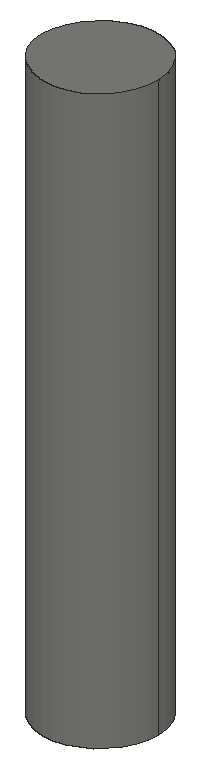
Revit family "Concrete - Round (column)", category Structural Columns, Revit 2026
Family settings
  Display in Hidden Views = Edges Hidden by Other Members
  Section Shape = Not Defined
  Material for Model Behavior = Concrete
  Always export as geometry = No
  Beam cutback in plan = From geometry
  Cut with Voids When Loaded = No
  Symbolic Representation = From Family
  Shared = No
  Show family pre-cut in plan views = Yes
Parameters (values of type "Concrete - Round (column)")
  d = 200 mm
  Structural Material = Concrete
  Creator Organization [instance] = "© Danish Educational Content"  # constant formula
  Creator Name [instance] = "© Erik Falck Jørgensen"  # constant formula
  Creator Build [instance] = "2023.0405.0"  # constant formula
Reference planes
  plane 1 "Center (Front/Back)": y = 0
  plane 2: z = 0
  plane 3 "Center (Left/Right)": x = 0
  plane 4: x = -100
  plane 5: x = 100
  plane 6: y = 100
  plane 7: y = -100
Forms (mm)
  Extrusion 1, solid, material "Concrete" <- "Structural Material"
    sketch origin (0, 0, 0) x (1, 0, 0) y (0, 1, 0)
      loop
        circle (0, 0) r 100
    from 0 to 1000
Dimensions and locks
  equal spacing: plane 4, plane 3 "Center (Left/Right)", plane 5
  equal spacing: plane 7, plane 1 "Center (Front/Back)", plane 6
  "d": plane 7 to plane 6
  "d": plane 4 to plane 5
  aligned and locked: level to Extrusion 1
  aligned and locked: level to plane 2
  aligned and locked: Extrusion 1 to plane 2
Automatic sketch dimensions
  Extrusion 1 sketch curve to plane 1 "Center (Front/Back)" = 0 mm
  Extrusion 1 sketch curve to plane 4 = 0 mm
  Extrusion 1 sketch curve to plane 3 "Center (Left/Right)" = 0 mm
